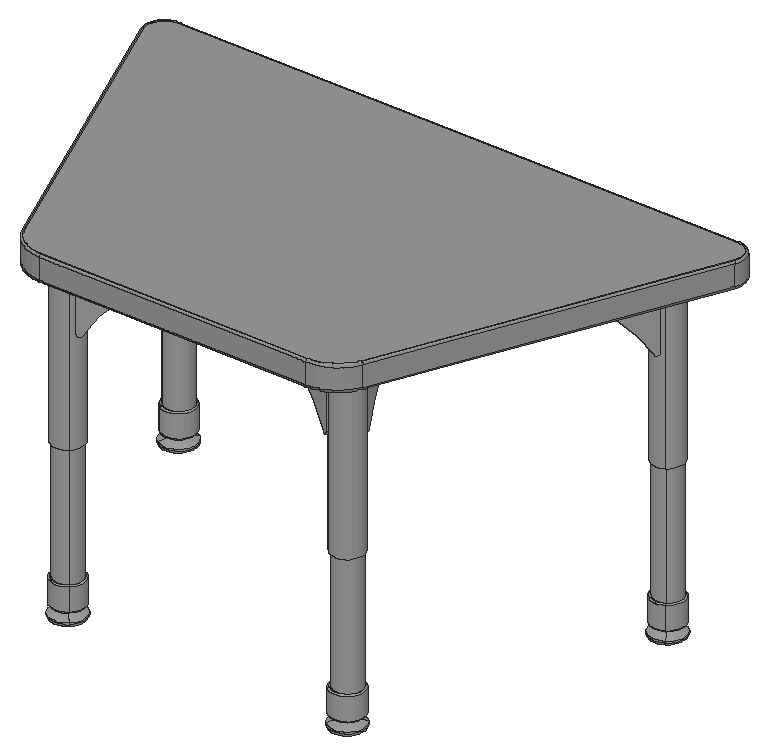
Revit family "Hierarchy Snap Octagonal Trapezoid Desk - Youth Height", category Furniture, Revit 2018
Family settings
  Work Plane-Based = No
  Always vertical = Yes
  Cut with Voids When Loaded = No
  Shared = No
  Room Calculation Point = No
Parameters
  Desk Height = 1' - 4"
  Surface = Hierarchy Snap Octagonal Trapezoid Desk Youth Surface
  Leg Finish = Hierarchy Leg Platinum
  Edgeband = Hierarchy Snap Octagonal Trapezoid Desk Youth Edgeband
  Caster/Glide = Hierarchy Youth Leg - Glide : Hierarchy Youth Leg - Glide
Reference planes (in)
  plane 1 "Center (Front/Back)": y = 0
  plane 2: z = 0
  plane 3 "Center (Left/Right)": x = 0
  plane 4 "Table Height": z = 16
Dimensions and locks (in)
  "Desk Height": plane 4 "Table Height" to level
  aligned and locked: plane 2 to level
  aligned and locked: nested 1 to plane 4 "Table Height"
Nested families (in)
  nested 1: "Snap Octagonal Trapezoid Tabletop" at (0, 0, -11.14175), type "Snap Octagonal Trapezoid Tabletop"
  nested 2: "Hierarchy Youth Leg - Glide" at (-12.25, 6.75, 0) x (0.5556, 0.8315, 0) z (0, 0, 1), Leg Finish <- "Leg Finish", Leg Height <- "Desk Height", type "Hierarchy Youth Leg - Glide"
    with Leg Height 1' - 4", Leg Finish Hierarchy Leg Platinum
  nested 3: "Hierarchy Youth Leg - Glide" at (-7, -6.75, 0) x (-0.7071, 0.7071, 0) z (0, 0, 1), type <- "Caster/Glide", Leg Finish <- "Leg Finish", Leg Height <- "Desk Height", type "Hierarchy Youth Leg - Glide"
    with Leg Height 1' - 4", Leg Finish Hierarchy Leg Platinum
  nested 4: "Hierarchy Youth Leg - Glide" at (7, -6.75, 0) x (-0.7071, -0.7071, 0) z (0, 0, 1), type <- "Caster/Glide", Leg Finish <- "Leg Finish", Leg Height <- "Desk Height", type "Hierarchy Youth Leg - Glide"
    with Leg Height 1' - 4", Leg Finish Hierarchy Leg Platinum
  nested 5: "Hierarchy Youth Leg - Glide" at (12.25, 6.75, 0) x (-0.5556, 0.8315, 0) z (0, 0, 1), Leg Finish <- "Leg Finish", Leg Height <- "Desk Height", type "Hierarchy Youth Leg - Glide"
    with Leg Height 1' - 4", Leg Finish Hierarchy Leg Platinum
Definition of nested family "Snap Octagonal Trapezoid Tabletop"
  Parameters (values of type "Snap Octagonal Trapezoid Tabletop")
    Surface = none
    Edgeband = none
  Reference planes (in)
    plane 1 "Center (Front/Back)": y = 0
    plane 2: z = 0
    plane 3 "Center (Left/Right)": x = 0
  Forms (in)
    Extrusion 1, solid, material <- "Surface"
      sketch origin (0, 0, 0) x (1, 0, 0) y (0, 1, 0)
        loop
          line (13.96008, 8.95098) -> (-14.05799, 8.95098)
          arc (-14.05799, 8.95098) -> (-14.76477, 8.57319) -> (-14.84333, 7.77563) r 0.85005
          line (-14.84333, 7.77563) -> (-8.47778, -7.59223)
          arc (-8.47778, -7.59223) -> (-7.75777, -8.46956) -> (-6.67169, -8.79902) r 1.95489
          line (-6.67169, -8.79902) -> (6.66876, -8.79902)
          arc (6.66876, -8.79902) -> (7.71535, -8.48154) -> (8.40918, -7.63611) r 1.88382
          line (8.40918, -7.63611) -> (14.77474, 7.73176)
          arc (14.77474, 7.73176) -> (14.69325, 8.55909) -> (13.96008, 8.95098) r 0.88178
      from 27.14175 to 28.39175
    Sweep 2, solid, material <- "Edgeband"
      path in 3D
        loop
          arc (-14.05799, 8.95098, 28.39175) -> (-14.76477, 8.57319, 28.39175) -> (-14.84333, 7.77563, 28.39175) r 0.85005
          line (-14.84333, 7.77563, 28.39175) -> (-8.47778, -7.59223, 28.39175)
          arc (-8.47778, -7.59223, 28.39175) -> (-7.75777, -8.46956, 28.39175) -> (-6.67169, -8.79902, 28.39175) r 1.95489
          line (-6.67169, -8.79902, 28.39175) -> (6.66876, -8.79902, 28.39175)
          arc (6.66876, -8.79902, 28.39175) -> (7.71535, -8.48154, 28.39175) -> (8.40918, -7.63611, 28.39175) r 1.88382
          line (8.40918, -7.63611, 28.39175) -> (14.77474, 7.73176, 28.39175)
          arc (14.77474, 7.73176, 28.39175) -> (14.69325, 8.55909, 28.39175) -> (13.96008, 8.95098, 28.39175) r 0.88178
          line (13.96008, 8.95098, 28.39175) -> (-14.05799, 8.95098, 28.39175)
      profile origin (-0.04895, 8.95098, 28.39175) x (0, -1, 0) y (0, 0, 1)
        loop
          arc (0, 0) -> (-0.07921, -0.03281) -> (-0.11202, -0.11202) r 0.11202
          line (-0.11202, -0.11202) -> (-0.11202, -1.13798)
          arc (-0.11202, -1.13798) -> (-0.07921, -1.21719) -> (0, -1.25) r 0.11202
          line (0, -1.25) -> (0, 0)
  Lines and regions (in)
    sketch lines
      curve 1: line (13.96008, 8.95098, 28.39175) -> (-14.05799, 8.95098, 28.39175)
      curve 2: arc (-14.84333, 7.77563, 28.39175) -> (-14.76477, 8.57319, 28.39175) -> (-14.05799, 8.95098, 28.39175) r 0.85005
      curve 3: line (-14.84333, 7.77563, 28.39175) -> (-8.47778, -7.59223, 28.39175)
      curve 4: line (-6.67169, -8.79902, 28.39175) -> (6.66876, -8.79902, 28.39175)
      curve 5: arc (8.40918, -7.63611, 28.39175) -> (7.71535, -8.48154, 28.39175) -> (6.66876, -8.79902, 28.39175) r 1.88382
      curve 6: arc (-6.67169, -8.79902, 28.39175) -> (-7.75777, -8.46956, 28.39175) -> (-8.47778, -7.59223, 28.39175) r 1.95489
      curve 7: line (8.40918, -7.63611, 28.39175) -> (14.77474, 7.73176, 28.39175)
      curve 8: arc (13.96008, 8.95098, 28.39175) -> (14.69325, 8.55909, 28.39175) -> (14.77474, 7.73176, 28.39175) r 0.88178
  Dimensions and locks (in)
    aligned and locked: plane 2 to level
Definition of nested family "Hierarchy Youth Leg - Glide"
  Parameters (values of type "Hierarchy Youth Leg - Glide")
    Leg Finish [instance] = none
    Leg Height [instance] = 1' - 4.80117"
  Reference planes (in)
    plane 1 "Center (Front/Back)": y = 0
    plane 2: z = 0
    plane 3 "Center (Left/Right)": x = 0
  Forms (in)
    Extrusion 1, solid
      sketch origin (-0.01562, 0, 0) x (1, 0, 0) y (0, 1, 0)
        loop
          circle (0.01563, 0) r 0.67016
      from 0.67618 to 10.55018
    Revolve 2, solid
      sketch origin (0, 0, 0) x (1, 0, 0) y (0, 0, 1)
        loop
          line (-0.73189, 1.80118) -> (-0.79439, 1.73867) -> (-0.79439, 0.61381) -> (-0.73176, 0.55118) -> (-0.125, 0.55118) -> (-0.125, 0.42618) -> (-0.84656, 0.16241) -> (-0.84656, 0.08994) -> (-0.81359, 0) -> (0, 0) -> (0, 1.80118) -> (-0.73189, 1.80118)
        axis (0, 1.80118) -> (0, 0)
      angle from 0 to 360
  Dimensions and locks (in)
    "Leg Height": nested 1 to level  (x2)
    aligned and locked: plane 2 to level
  Automatic sketch dimensions
    plane 1 "Center (Front/Back)" to Extrusion 1 sketch curve = 0' - 0"
    Extrusion 1 sketch curve to plane 3 "Center (Left/Right)" = 0' - 0"
    Revolve 2 sketch curve to level = 0' - 0"
    Revolve 2 sketch curve to plane 3 "Center (Left/Right)" = 0' - 0"  (x2)
    Revolve 2 sketch curve to plane 3 "Center (Left/Right)" = 0' - 0 1/8"
    Revolve 2 sketch curve to Revolve 2 sketch curve = 0' - 0.60676"
    Revolve 2 sketch curve to Revolve 2 sketch curve = 0' - 0.73189"
    Revolve 2 sketch curve to Revolve 2 sketch curve = 0' - 0.06263"  (x2)
    Revolve 2 sketch curve to Revolve 2 sketch curve = 0' - 0.08183"
    Revolve 2 sketch curve to Revolve 2 sketch curve = 0' - 0.03297"
    level to Revolve 2 sketch curve = 0' - 0.08994"
    Revolve 2 sketch curve to Revolve 2 sketch curve = 0' - 0.07247"
    level to Revolve 2 sketch curve = 0' - 0.42618"
    Revolve 2 sketch curve to Revolve 2 sketch curve = 0' - 0 1/8"
    Revolve 2 sketch curve to Revolve 2 sketch curve = 0' - 1.12486"
    Revolve 2 sketch curve to Revolve 2 sketch curve = 0' - 0 1/16"
    Revolve 2 sketch curve to level = 2' - 0"
    Revolve 2 sketch curve to Revolve 2 sketch curve = 8' - 4.91764"
    radius of Extrusion 1 sketch curve = 0' - 0.67016"
  Nested families (in)
    nested 1: "Hierarchy Youth Upper Leg 2023" at (0, 0, 0), Leg Finish <- "Leg Finish", type "Hierarchy Youth Upper Leg 2023"
      with Leg Finish none
  Definition of nested family "Hierarchy Youth Upper Leg 2023"
    Parameters (values of type "Hierarchy Youth Upper Leg 2023")
      Leg Finish [instance] = none
    Reference planes (in)
      plane 1 "Center (Front/Back)": y = 0
      plane 2: z = 0
      plane 3 "Center (Left/Right)": x = 0
    Forms (in)
      Extrusion 1, solid, material <- "Leg Finish"
        sketch origin (0, 0, -11.001) x (1, 0, 0) y (0, 1, 0)
          loop
            circle (0, 0) r 0.75
        from 19.67618 to 27.67618
      Extrusion 2, solid, material <- "Leg Finish"
        sketch origin (0, 0, -11.001) x (1, 0, 0) y (0, 1, 0)
          loop
            line (-1.70174, 0.19183) -> (-2.88626, -2.26116)
            arc (-2.88626, -2.26116) -> (-2.83993, -3.09822) -> (-2.1063, -3.50394) r 0.86614
            line (-2.1063, -3.50394) -> (2.1063, -3.50394)
            arc (2.1063, -3.50394) -> (2.83993, -3.09822) -> (2.88626, -2.26116) r 0.86614
            line (2.88626, -2.26116) -> (1.70174, 0.19183)
            arc (1.70174, 0.19183) -> (0, 1.25984) -> (-1.70174, 0.19183) r 1.88976
        from 27.67618 to 27.80217
      Extrusion 3, solid, material <- "Leg Finish"
        sketch origin (-1.48519, 8.66524, -11.001) x (-0.434844, 0.900506, 0) y (0, 0, 1)
          loop
            line (-9.01425, 27.67618) -> (-11.80952, 27.67618)
            arc (-11.80952, 27.67618) -> (-11.92325, 27.58993) -> (-11.87088, 27.45715) r 0.11811
            arc (-11.87088, 27.45715) -> (-10.39364, 26.29679) -> (-9.23328, 24.81955) r 7.87402
            arc (-9.23328, 24.81955) -> (-9.1005, 24.76717) -> (-9.01425, 24.88091) r 0.11811
            line (-9.01425, 24.88091) -> (-9.01425, 27.67618)
        from -1.94075 to -1.81476
      Extrusion 4, solid, material <- "Leg Finish"
        sketch origin (1.48519, 8.66524, -11.001) x (0.434844, 0.900506, 0) y (0, 0, -1)
          loop
            line (-9.01425, -27.67618) -> (-9.01425, -24.88091)
            arc (-9.01425, -24.88091) -> (-9.1005, -24.76717) -> (-9.23328, -24.81955) r 0.11811
            arc (-9.23328, -24.81955) -> (-10.39364, -26.29679) -> (-11.87088, -27.45715) r 7.87402
            arc (-11.87088, -27.45715) -> (-11.92325, -27.58993) -> (-11.80952, -27.67618) r 0.11811
            line (-11.80952, -27.67618) -> (-9.01425, -27.67618)
        from -1.94075 to -1.81476
    Dimensions and locks (in)
      aligned and locked: plane 2 to level
